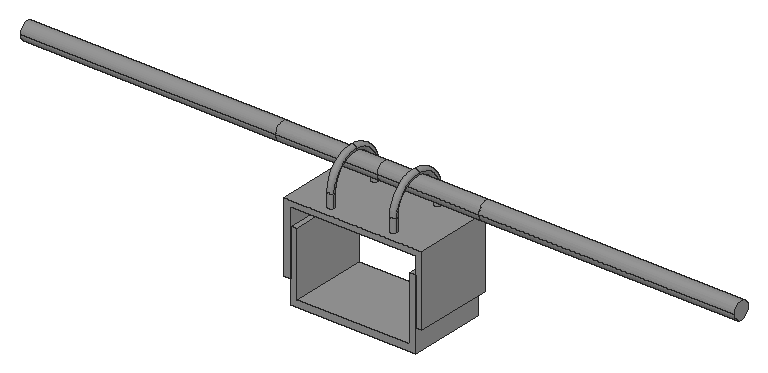
Revit family "LWplc_Latchwaysplc_FallArrestSystemGuidedAnchorLine_VariableCornerSet", category Generic Models, host Face, Revit 2014
Parameters (values of type "ManSafe CFP - Variable Corner Set")
  WarrantyStartDate [instance] = "1900-12-31T23:59:59"
  WarrantyGuarantorParts = "n/a"
  WarrantyGuarantorLabor = "n/a"
  WarrantyDurationUnit = "year"
  WarrantyDurationParts = "n/a"
  WarrantyDurationLabor = "n/a"
  WarrantyDescription = "n/a"
  Version = "1"  # constant formula
  Uniclass2 = "80-30-25/135"
  URL = "www.latchways.com"
  Type Comments = "n/a"
  TagNumber [instance] = "n/a"
  SystemManufacturer = "Latchways plc"  # constant formula
  SystemMaintenance = "Annual service to be completed by Latchways registered installers in accordance with BS7883:2005"  # constant formula
  SustainabilityPerformance = "n/a"
  StructuralAnchors = "n/a"
  Size = "36 x 36 x 91 mm"
  Shape = "n/a"
  SerialNumber [instance] = "n/a"
  Revision = "n/a"
  ReplacementCost = "n/a"
  Reference = "n/a"
  ProductInformation = "www.latchways.com/BIM/85130-00_LatchwaysVariableCornerBracket.pdf"
  PreInstallationSurvey = "Required"
  NominalWidth = 36 mm
  NominalLength = 36 mm
  NominalHeight = 91 mm
  Name = "FallArrestSystemGuidedAnchorLine_VariableCornerSet_Latchwaysplc"
  NBSTypeID = "n/a"
  NBSReference = "80-50-25/110"
  NBSOfficeMasterTag = "n/a"
  NBSNote = "n/a"
  NBSDescription = "Fall arrest system - guided anchor line"
  NBSCertification = "n/a"
  ModelReference = "Constant Force Post  - Variable Corner Set"
  ModelNumber = "85130-00"
  Model = "85130-00"
  Material = "n/a"
  ManufacturerURL = "www.latchways.com"
  ManufacturerName = "Latchways plc"
  Manufacturer = "info@latchways.com"
  ManSafeForRoofingBrochure = "www.latchways.com/BIM/MansafeForRoofing.pdf"
  InstallationDate [instance] = "1900-12-31T23:59:59"
  IfcExportType = "IfcTransportElement"  # constant formula
  IfcExportAs = "NOTDEFINED"  # constant formula
  Grade = "n/a"
  FireExit = no
  Finish = "n/a"
  Features = "n/a"
  ExpectedLife = "n/a"
  DurationUnit = "year"
  Description = "Latchways ManSafe® for Roofing, using Constant Force posts"
  Default Elevation = 1219.2 mm
  ProductSpecification = "www.latchways.com/BIM/Latchways_Specification_ConstantForcePost.pdf"
  Constituents = "n/a"
  Color = "n/a"
  CodePerformance = "n/a"
  Category = "n/a"
  BendAng2 [instance] = 90.00°
  BendAng1 [instance] = 90.00°
  BarCode [instance] = "n/a"
  BIMObjectName = "LWplc_Latchwaysplc_FallArrestSystemGuidedAnchorLine_VariableCornerSet"
  Author = "Latchways plc"  # constant formula
  AttachmentDeviceGuide = "www.latchways.com/BIM/Latchways_Attachment_Device_Guide.pdf"
  AssetType = "Fixed"
  AssetIdentifier [instance] = "n/a"
  Assembly Code = ""
  AncillaryEquipment = "n/a"
  AnchorLine = "n/a"
  AccessibilityPerformance = "n/a"
Reference planes
  plane 1 "Center (Front/Back)": y = 0
  plane 2: z = 0
  plane 3 "Center (Left/Right)": x = 0
  plane 4: x = 0
  plane 5: y = 0
Forms (mm)
  Extrusion 1, solid, not visible
    sketch origin (0, 0, 0) x (1, 0, 0) y (0, 1, 0)
      loop
        line (-1219.2, 1219.2) -> (-1219.2, -1219.2) -> (1219.2, -1219.2) -> (1219.2, 1219.2) -> (-1219.2, 1219.2)
    from 0 to -250
  Sweep 2, solid, material "LWplc_Latchwaysplc_StainlessSteel_AISI304"
    path in 3D
      loop
        line (228.5, 0, 80) -> (65, 0, 80) -> (0, 0, 80) -> (-65, 0, 80) -> (-228.5, 0, 80)
    profile origin (-32.5, 0, 80) x (0, -1, 0) y (0, 0, 1)
      loop
        circle (0, 0) r 5.5
Lines and regions (mm)
  reference lines
    curve 1: circle (0, 0, 80) r 5.5 normal (1, 0, 0)
    curve 2: line (0, 0, 74.5) -> (0, 0, 85.5)
    curve 3: line (0, -5.5, 80) -> (0, 5.5, 80)
    curve 4: line (0, 0, 80) -> (65, 0, 80)
    curve 5: line (0, 0, 80) -> (-65, 0, 80)
    curve 6: line (228.5, 0, 80) -> (65, 0, 80)
    curve 7: line (-65, 0, 80) -> (-228.5, 0, 80)
  sketch lines
    curve 8: line (0, 0, 80) -> (-65, 0, 80)
    curve 9: line (-65, 0, 80) -> (-228.5, 0, 80)
    curve 10: line (0, 0, 80) -> (65, 0, 80)
    curve 11: line (228.5, 0, 80) -> (65, 0, 80)
  model lines, detail levels medium+fine
    curve 12: circle (228.5, 0, 80) r 4.5 normal (1, 0, 0)
    curve 13: circle (-228.5, 0, 80) r 4.5 normal (-1, 0, 0)
Dimensions and locks
  locked: nested 1 to plane 1 "Center (Front/Back)" (angle 0.00°)
  "BendAng2": angle curve 6 to plane 3 "Center (Left/Right)"
  "BendAng1": angle plane 3 "Center (Left/Right)" to curve 7
  aligned and locked: plane 2 to Extrusion 1
  aligned and locked: level to Extrusion 1
Automatic sketch dimensions
  Extrusion 1 sketch curve to Extrusion 1 sketch curve = 2438.4 mm  (x2)
  curve 2 to plane 1 "Center (Front/Back)" = 0 mm
  curve 1 to plane 1 "Center (Front/Back)" = 0 mm
  level to curve 1 = 80 mm
  plane 1 "Center (Front/Back)" to curve 3 = 5.5 mm
  curve 3 to curve 1 = 0 mm
  curve 5 to curve 3 = 0 mm
  curve 3 to curve 5 = 5.5 mm
  curve 5 to curve 3 = 65 mm
  curve 3 to curve 4 = 65 mm
  Sweep 2 sketch curve to profile plane = 0 mm  (x2)
  level to curve 12 = 80 mm
  curve 13 to plane 1 "Center (Front/Back)" = 0 mm
  level to curve 13 = 80 mm
  curve 4 to curve 6 = 0 mm
  curve 6 to curve 4 = 0 mm
  curve 7 to curve 5 = 0 mm  (x2)
  radius of Sweep 2 sketch curve = 5.5 mm
  radius of curve 12 = 4.5 mm
  radius of curve 13 = 4.5 mm
Nested families
  nested 1: "LWplc_CFP_Intermediate_Element" at (0, 0, 0), type "LWplc_CFP_Intermediate_Element"
Definition of nested family "LWplc_CFP_Intermediate_Element"
  Reference planes
    plane 1 "Center (Front/Back)": y = 0
    plane 2: z = 0
    plane 3 "Center (Left/Right)": x = 0
  Forms (mm)
    Extrusion 1, solid, material "LWplc_Latchwaysplc_StainlessSteel_AISI304"
      sketch origin (0, 0, 0) x (1, 0, 0) y (0, 0, 1)
        loop
          line (-40, 45) -> (-40, 0) -> (40, 0) -> (40, 45) -> (36, 45) -> (36, 4) -> (-36, 4) -> (-36, 45) -> (-40, 45)
      from -25 to 25
    Extrusion 2, solid, material "LWplc_Latchwaysplc_StainlessSteel_AISI304"
      sketch origin (0, 0, 0) x (1, 0, 0) y (0, 0, 1)
        loop
          line (44, 60) -> (-44, 60) -> (-44, 15) -> (-40, 15) -> (-40, 56) -> (40, 56) -> (40, 15) -> (44, 15) -> (44, 60)
      from -25 to 25
    Sweep 3, solid, material "LWplc_Latchwaysplc_StainlessSteel_Polished"
      path in 3D
        loop
          line (20, -17.5, 60) -> (20, -17.5, 68.5)
          arc (20, -17.5, 68.5) -> (20, -12.374, 80.874) -> (20, 0, 86) r 17.5
          arc (20, 0, 86) -> (20, 12.374, 80.874) -> (20, 17.5, 68.5) r 17.5
          line (20, 17.5, 68.5) -> (20, 17.5, 60)
      profile origin (20, -17.5, 64.25) x (0, -1, 0) y (1, 0, 0)
        loop
          circle (0, 0) r 2
    Sweep 4, solid, material "LWplc_Latchwaysplc_StainlessSteel_Polished"
      path in 3D
        loop
          line (-20, -17.5, 60) -> (-20, -17.5, 68.5)
          arc (-20, -17.5, 68.5) -> (-20, -12.374, 80.874) -> (-20, 0, 86) r 17.5
          arc (-20, 0, 86) -> (-20, 12.374, 80.874) -> (-20, 17.5, 68.5) r 17.5
          line (-20, 17.5, 68.5) -> (-20, 17.5, 60)
      profile origin (-20, -17.5, 64.25) x (0, -1, 0) y (1, 0, 0)
        loop
          circle (0, 0) r 2
  Cuts and joins
    joined: Sweep 3, Sweep 4
  Lines and regions (mm)
    model lines, detail levels medium+fine
      curve 1: circle (0, 0, 0) r 6.5 normal (0, 0, 1)
      curve 14: circle (0, 0, 4) r 6.5 normal (0, 0, 1)
    reference lines
      curve 2: circle (20, -17.5, 60) r 2 normal (0, 0, 1)
      curve 7: circle (-20, -17.5, 60) r 2 normal (0, 0, -1)
      curve 12: line (0, 0, 0) -> (0, 0, 80)
      curve 13: circle (0, 0, 80) r 5.5 normal (1, 0, 0)
    sketch lines
      curve 3: line (20, -17.5, 60) -> (20, -17.5, 68.5)
      curve 4: arc (20, 0, 86) -> (20, -12.374, 80.874) -> (20, -17.5, 68.5) r 17.5
      curve 5: arc (20, 0, 86) -> (20, 12.374, 80.874) -> (20, 17.5, 68.5) r 17.5
      curve 6: line (20, 17.5, 68.5) -> (20, 17.5, 60)
      curve 8: line (-20, -17.5, 60) -> (-20, -17.5, 68.5)
      curve 9: arc (-20, 0, 86) -> (-20, -12.374, 80.874) -> (-20, -17.5, 68.5) r 17.5
      curve 10: arc (-20, 0, 86) -> (-20, 12.374, 80.874) -> (-20, 17.5, 68.5) r 17.5
      curve 11: line (-20, 17.5, 68.5) -> (-20, 17.5, 60)
  Dimensions and locks
    aligned and locked: level to plane 2
